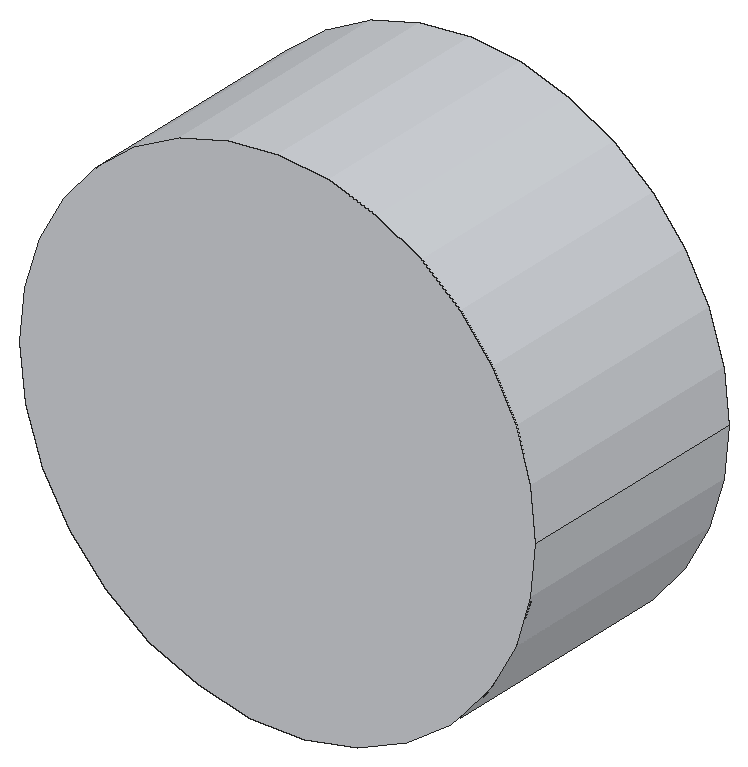
Revit family "QF_BOURGEAT_Transtherm_Fours_mobiles_15GN1_1", category Equipement spécialisé, Revit 2015
Parameters (values of type "893215")
  URL catalogue = "http://www.bourgeat.fr/fr/"
  URL = ""
  Type_de_modele = 893215 : 893215
  Type de Raccord Electrique = ""
  Type article = ""
  Tension = 400 V
  Spécification du Fabricant = "TRANS'THERM"
  Remarques Electricité = ""
  Puissance électrique  = 13500 W
  Profondeur hors tout = 782 mm
  Poids net à vide = 95.00 kg
  Phase = 3
  Nature isolant = "Laine_de_roche(60mm)"
  Modèle = "893215"
  Longueur hors tout = 744 mm
  Intensité nominale = 33.75 A
  Indice de protection = "IP25"
  Hauteur hors tout = 1725 mm
  Fréquence = 50 Hz
  Fabricant = "BOURGEAT"
  Contact SAV = "0033 (0)4.76.32.14.44"
  Consommation énergétique = "9.1Kwh/h"
  Charge max = 60.00 kg
  Certification = "NF alimentaire"
Types (5, lengths in mm): name | Type_de_modele | Modèle
  (no name) | 893215 : 893215 | "893215"
  893215 | 893215 : 893215 | "893215"
  893215 + 897500 | 893215 + 897500 : 893215 + 897500 | "893215 + 897500"
  893915 | 893915 : 893915 | "893915"
  893915 + 897500 | 893915 + 897500 : 893915 + 897500 | "893915 + 897500"
Reference planes
  plane 1 "Centre (avant/arrière)": y = 0
  plane 2: z = 0
  plane 3 "Centre (gauche/droite)": x = 0
  plane 4: x = 291.5
  plane 5: z = 350
Forms (mm)
  Extrusion 1, solid
    sketch origin (0, 0, 0) x (1, 0, 0) y (0, 0, 1)
      loop
        circle (291.5, 350) r 10
    from 49.667 to 58.985
Dimensions and locks
  aligned and locked: level to plane 2
Nested families
  nested 1: "893215" at (0, 0, 0), type <- "Type_de_modele", type "893215"
Connectors
  electrical at (291.5, -49.667, 350)
    settings: on Extrusion 1, index 1, voltage 0 V, apparent load 0 VA, apparent load phase1 0 VA, apparent load phase2 0 VA, apparent load phase3 0 VA, power factor 1, load classification "Autre", number of poles 1, system type 30, power factor state 1, is connector primary yes, connector utility no, sub classification motor no, connector description ""
Definition of nested family "893215"
  Parameters (values of type "893215")
    URL_page_produit = "http://www.bourgeat.fr/fr/"
    URL_fiche_technique = "à venir"
    URL_SAV = "à venir"
    URL = "http://www.bourgeat.fr/fr/"
    Type_de_raccordement = ""
    Tension = 400 V
    Puissance_electrique = 13500 W
    Protection_appareil = ""
    Profondeur_hors_tout = 782 mm
    Poids = "95Kg"
    Nombre_pole = 1
    Niveau_sonore = ""
    Nature_isolant = "Laine_de_roche(60mm)"
    Model = "Trans'therm"
    Largeur_hors_tout = 744 mm
    Intensite = Puissance_electrique / Tension  # 33.75 A
    Indice_protection = ""
    Hauteur_hors_tout = 1725 mm
    Frequence = "50/60HZ"
    Manufacturer = "BOURGEAT"
    Contact_SAV = "0033 (0)4.76.32.14.44"
    Consommation_energetique = "9.1Kwh"
    Code_article = "893215"
    Classe_energetique = ""
    Classe_climatique = ""
    Charge_maximum = "60Kg"
    Certification = "NF alimentaire"
  Reference planes
    plane 1 "Centre (avant/arrière)": y = 0
    plane 2: z = 0
    plane 3 "Centre (gauche/droite)": x = 0
    plane 4: x = 0
  Lines and regions (mm)
    symbolic lines
      curve 1: line (339.259, -749.466, 0) -> (339.259, -1428.466, 0)
      curve 2: arc (339.259, -1428.466, 0) -> (-140.866, -1229.591, 0) -> (-339.741, -749.466, 0) r 679
  Dimensions and locks
    plane 4 to import instance = 372 mm
    aligned and locked: level to plane 2
    aligned and locked: plane 3 "Centre (gauche/droite)" to plane 4
    aligned and locked: plane 1 "Centre (avant/arrière)" to import instance
